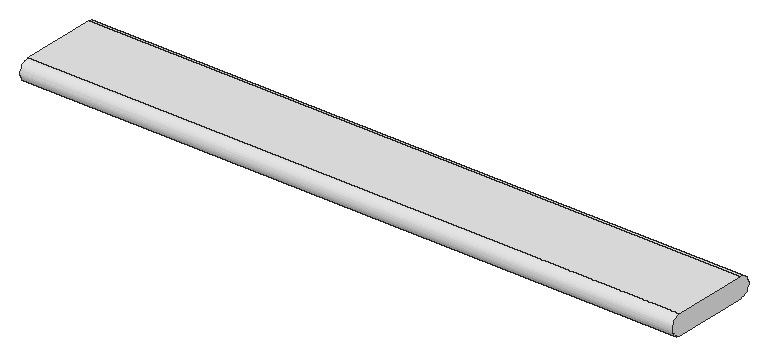
Revit family "13-MOULDING-CADS-153-PCBLOUVER175-4-REVIT_Versatex-Generic-Model-LOUVER-BLADE", category Generic Models, Revit 2026
Family settings
  Can host rebar = No
  Round Connector Dimension = Use Diameter
  Part Type = Normal
  Work Plane-Based = No
  Always vertical = Yes
  Cut with Voids When Loaded = No
  Maintain Annotation Orientation = No
  Shared = No
  Room Calculation Point = No
Parameters
  Warranty = "https://versatex.com/warranty/"
  URL = "https://versatex.com/"
  Specification = "https://www.arcat.com/company/versatex-45716/spec?coid=45716"
  Sales Information = "https://versatex.com/dealer-locator/"
  Model = "PCBLOUVER175"
  Material = Versatex PVC - Smooth
  Manufacturer Website = "https://versatex.com/"
  Message Manufacturer = "https://versatex.com/contact/"
  Manufacturer Phone = "724-857-1111"
  Manufacturer Fax = "724-857-1171"
  Manufacturer Address = "400 Steel Street, Aliquippa, PA 15001"
  Manufacturer = "Versatex"
  Literature = "https://versatex.com/literature/"
  Length [instance] = 1' - 0"
  Description = "LOUVER BLADE"
  Default Elevation = 0' - 0"
  Copyright = "© 2024 VERSATEX Building Products, LLC"
Reference planes (in)
  plane 1 "Center (Front/Back)": y = 0
  plane 2: z = 0
  plane 3 "Center (Left/Right)": x = 0
  plane 4: y = 1.75
  plane 5: x = 12
Forms (in)
  Extrusion 1, solid, material "Versatex PVC - Smooth" <- "Material"
    sketch origin (0, 0, 0.35983) x (0, 0, -1) y (0, 1, 0)
      loop
        arc (0.35983, 1.57008) -> (0.17992, 1.75) -> (0, 1.57008) r 0.17992
        line (0, 1.57008) -> (0, 0.17992)
        arc (0, 0.17992) -> (0.17992, 0) -> (0.35983, 0.17992) r 0.17992
        line (0.35983, 0.17992) -> (0.35983, 1.57008)
    from 0 to 12
Dimensions and locks (in)
  "Length": plane 5 to plane 3 "Center (Left/Right)"
  aligned and locked: plane 2 to level
  aligned and locked: Extrusion 1 to plane 5
  aligned and locked: Extrusion 1 to plane 3 "Center (Left/Right)"
Automatic sketch dimensions
  Extrusion 1 sketch curve to level = 0' - 0"
  level to Extrusion 1 sketch curve = 0' - 0.17992"
  Extrusion 1 sketch curve to plane 1 "Center (Front/Back)" = 0' - 0.17992"
  Extrusion 1 sketch curve to plane 4 = 0' - 0.17992"
